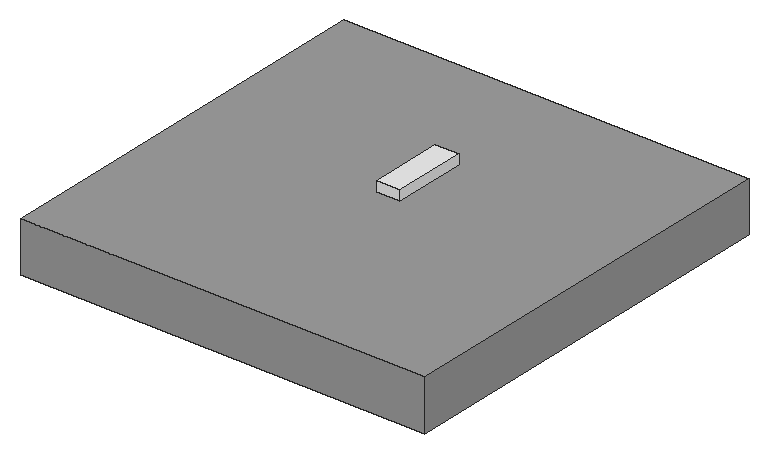
Revit family "ElectricalEquipment_Hager_Klik7Pin_LCM", category Electrical Equipment, host Face, Revit 2015
Parameters (values of type "Klik LCM Marshalling Box 4 Channel 13W Hard Wired")
  Type = "Lighting Control Module"
  Terminal Capacity = "2 x 4mm2 CSA"
  Supply Phase = "1"
  Shape = "Rectangular"
  Product Group = "Klik"
  Product Family = "Klik"
  Packaging Weight = 0.10 kg
  Packaging Recyclable = yes
  Overall Width = 142 mm
  Warranty ID = "Product Lifetime"
  Voltage = "230"
  URL = "www.hager.co.uk"
  built-in parameter 1140080 [instance] = "1.5kA Conditional"
  Revision = 1
  Product Weight = 2.50 kg
  Product Range = "Klik Lighting Control Module 4 Channel 13W Hard Wired"
  Product Literature = "www.hager.co.uk/?artnr=KLCM413W"
  Product Description = "Klik Lighting Control Module 4 Channel 7 Pin 13W Hard Wired"
  Panel Name [instance] = "Klik Lighting Control Module Unit 7 Pin"
  Outgoing Circuit Rating = 10 A
  Number of Lighting Outlets = 13
  Neutral Rating = 100.00%
  built-in parameter 1140081 [instance] = "Surface Mounted"
  Model = "KLCM413W"
  built-in parameter 1140079 [instance] = 1
  Material = Metal, Powder Coated, White
  Manufacturer Website = "www.hager.co.uk"
  Manufacturer Country = "United Kingdom"
  Manufacturer = "Hager UK Ltd"
  Mains Type = "1 phase"
  built-in parameter 1140082 [instance] = 10 (stored number, unit not read)
  built-in parameter 1140140 = 10 (stored number, unit not read)
  Location of Manufacturer = "Telford, TF1 7FT"
  Keynote = ""
  Inflammability Rating = "UL94 (V0)"
  Overall Length [instance] = 440 mm
  Hager Catalogue Ref = Model  # "KLCM413W"
  Frequency = 50 Hz
  Finish = ""
  built-in parameter 1140083 [instance] = "Aluminium Extrusion / PC+ABS"
  EAN = "5015654770426"
  Dual Switch Capability = yes
  built-in parameter 1140064 [instance] = (empty or 0)
  Design Country = "China"
  Description = Product Description  # "Klik Lighting Control Module 4 Channel 7 Pin 13W Hard Wired"
  Overall Height = 58 mm
  Default Elevation = 1200 mm
  Colour = "Aluminium / Light Grey"
  CE Approval = yes
  Main Terminal Rating = 10 A
  Reference Standard = "BS 5733"
Types (2, lengths in mm): name | Product Weight | Product Range | Product Literature | Product Description | Number of Lighting Outlets | Model | Hager Catalogue Ref | EAN | Description
  Klik LCM Marshalling Box 4 Channel 12W Pluggable | 2.10 kg | "Klik Lighting Control Module 4 Channel 12W Pluggable" | "www.hager.co.uk/?artnr=KLCM412P" | "Klik Lighting Control Module 4 Channel 7 Pin 12W Pluggable" | 12 | "KLCM412P" | "KLCM412P" | "5015654770419" | "Klik Lighting Control Module 4 Channel 7 Pin 12W Pluggable"
  Klik LCM Marshalling Box 4 Channel 13W Hard Wired | 2.50 kg | "Klik Lighting Control Module 4 Channel 13W Hard Wired" | "www.hager.co.uk/?artnr=KLCM413W" | "Klik Lighting Control Module 4 Channel 7 Pin 13W Hard Wired" | 13 | "KLCM413W" | "KLCM413W" | "5015654770426" | "Klik Lighting Control Module 4 Channel 7 Pin 13W Hard Wired"
Reference planes
  plane 1 "Center (Front/Back)": y = 470.263
  plane 2: z = 0
  plane 3 "Center (Left/Right)": x = 0
  plane 4: y = 30.263
  plane 5: x = -71
  plane 6: x = 71
  plane 7: z = 58
Forms (mm)
  Extrusion 1, solid, material "Default"
    sketch origin (0, 0, 0) x (1, 0, 0) y (0, 1, 0)
      loop
        line (-1219.2, 1219.2) -> (-1219.2, -1219.2) -> (1219.2, -1219.2) -> (1219.2, 1219.2) -> (-1219.2, 1219.2)
    from 0 to -304.8
  Extrusion 2, solid, material "Metal, Powder Coated, White", detail levels fine
    sketch origin (0, 470.263, 0) x (1, 0, 0) y (0, 0, 1)
      loop
        line (71, 58) -> (-71, 58) -> (-71, 0) -> (71, 0) -> (71, 58)
    from 440 to 0
Dimensions and locks
  equal spacing: plane 5, plane 3 "Center (Left/Right)", plane 6
  "Overall Width": plane 5 to plane 6
  "Overall Length": plane 4 to plane 1 "Center (Front/Back)"
  "Overall Height": Extrusion 1 to plane 7
  aligned and locked: plane 2 to Extrusion 1
  aligned and locked: level to Extrusion 1
  aligned and locked: Extrusion 2 sketch curve to plane 5
  aligned and locked: Extrusion 2 sketch curve to level
  aligned and locked: plane 6 to Extrusion 2 sketch curve
  aligned and locked: Extrusion 2 to plane 4
  aligned and locked: Extrusion 2 to plane 1 "Center (Front/Back)"
  aligned and locked: nested 1 to plane 7
  aligned and locked: plane 2 to nested 1
  aligned and locked: plane 5 to nested 1
  aligned and locked: plane 6 to nested 1
  aligned and locked: plane 5 to nested 2
  aligned and locked: plane 6 to nested 2
  aligned and locked: plane 4 to nested 2
  aligned and locked: plane 1 "Center (Front/Back)" to nested 2
  aligned and locked: plane 7 to Extrusion 2
  aligned and locked: nested 3 to plane 7
  aligned and locked: plane 2 to nested 3
  aligned and locked: plane 1 "Center (Front/Back)" to nested 3
  aligned and locked: nested 3 to plane 4
Automatic sketch dimensions
  Extrusion 1 sketch curve to Extrusion 1 sketch curve = 2438.4 mm  (x2)
  plane 7 to Extrusion 2 sketch curve = 0 mm
Nested families
  nested 1: "Distribution Board Annotation" at (-71, 470.263, 58) x (1, 0, 0) z (0, -1, 0), type "Distribution Board Annotation", detail levels coarse+medium
    with Width 58 mm, Length 142 mm
  nested 2: "Distribution Board Annotation" at (-71, 470.263, 0), type "Distribution Board Annotation", detail levels coarse+medium
    with Width 440 mm, Length 142 mm
  nested 3: "Distribution Board Annotation" at (0, 470.263, 0) x (0, -1, 0) z (1, 0, 0), type "Distribution Board Annotation", detail levels coarse+medium
    with Width 58 mm, Length 440 mm
Connectors
  cabletrayconduit at (-71, 250.263, 29), diameter 600
    settings: on Extrusion 2, index 1, connector width 300 mm, connector height 300 mm, connector angle 0.00°, system type 32, placement type 0, profile type 0, connector reference index -1, is primary connector yes, connector utility param no, connector description ""
  cabletrayconduit at (71, 250.263, 29), diameter 600
    settings: on Extrusion 2, index 2, connector width 300 mm, connector height 300 mm, connector angle 0.00°, system type 32, placement type 0, profile type 0, connector reference index -1, is primary connector no, connector utility param no, connector description ""
  electrical at (-71, 250.263, 29)
    settings: on Extrusion 2, index 4, voltage 0 V, apparent load 0 VA, apparent load phase1 0 VA, apparent load phase2 0 VA, apparent load phase3 0 VA, power factor 1, load classification "Other", number of poles 1, system type 14, power factor state 1, is connector primary yes, connector utility no, sub classification motor no, connector description ""
  electrical at (71, 250.263, 29)
    settings: on Extrusion 2, index 5, voltage 0 V, apparent load 0 VA, apparent load phase1 0 VA, apparent load phase2 0 VA, apparent load phase3 0 VA, power factor 1, load classification "Other", number of poles 1, system type 14, power factor state 1, is connector primary no, connector utility no, sub classification motor no, connector description ""
  cabletrayconduit at (0, 250.263, 0), diameter 600
    settings: on Extrusion 2, index 6, connector width 300 mm, connector height 300 mm, connector angle 0.00°, system type 32, placement type 0, profile type 0, connector reference index -1, is primary connector no, connector utility param no, connector description ""
Definition of nested family "Distribution Board Annotation"
  Parameters
    Width [instance] = 609.6 mm
    Length [instance] = 1219.2 mm
    Assembly Code = ""
  Reference planes
    plane 1 "Centre (Front/Back)": y = 0
    plane 2: z = 0
    plane 3 "Centre (Left/Right)": x = 0
    plane 4: y = -609.6
    plane 5: x = 1219.2
  Lines and regions (mm)
    Filled region 1, type "Solid Fill - Black", in view "Ref. Level"
      outline origin (0, 0, 0) x (1, 0, 0) y (0, 1, 0)
        loop
          line (0, 0) -> (1219.2, -609.6) -> (1219.2, 0) -> (0, 0)
    detail lines, in view "Ref. Level"
      curve 1: line (0, -609.6, 0) -> (1219.2, -609.6, 0)
      curve 2: line (1219.2, -609.6, 0) -> (1219.2, 0, 0)
      curve 3: line (0, -609.6, 0) -> (0, 0, 0)
      curve 4: line (0, 0, 0) -> (1219.2, 0, 0)
      curve 5: line (0, 0, 0) -> (1219.2, -609.6, 0)
  Dimensions and locks
    "Width": plane 4 to plane 1 "Centre (Front/Back)"
    "Length": plane 3 "Centre (Left/Right)" to plane 5
    aligned and locked: plane 3 "Centre (Left/Right)" to curve 1
    aligned and locked: curve 1 to plane 4
    aligned and locked: plane 5 to curve 2
    aligned and locked: plane 1 "Centre (Front/Back)" to curve 4
    aligned and locked: Filled region 1 sketch curve to curve 4
    aligned and locked: Filled region 1 sketch curve to curve 5
    aligned and locked: Filled region 1 sketch curve to curve 2
